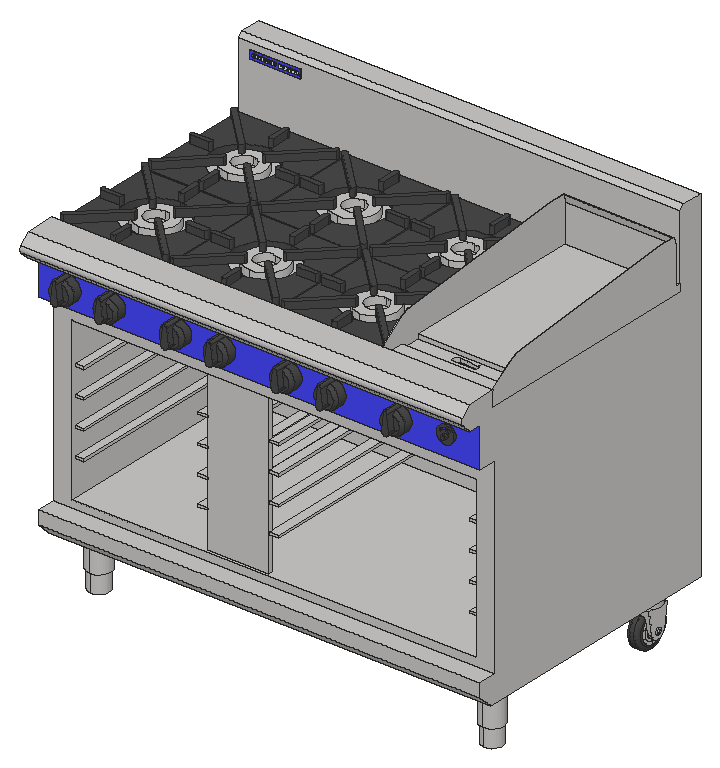
Revit family "QF_MOFFAT_BLUESEAL_CE_G518C-CB", category Specialty Equipment, Revit 2012 (continued)
Definition of nested family "GAS BURNER 900 & GRIDDLE 300"
  Definition of nested family "GAS BURNER 900"
    Lines and regions (mm)
      symbolic lines
        curve 96: spline (58.102, -172.9, 0) -> (59.396, -172.682, 0) -> (60.602, -172.043, 0) -> (61.638, -171.025, 0) -> (62.432, -169.7, 0) -> (62.932, -168.156, 0) -> (63.102, -166.5, 0) -> (62.932, -164.844, 0) -> (62.432, -163.3, 0) -> (61.638, -161.975, 0) -> (60.602, -160.957, 0) -> (59.396, -160.318, 0) -> (58.102, -160.1, 0)
        curve 97: line (58.102, -160.1, 0) -> (8.898, -160.1, 0)
        curve 98: spline (8.898, -160.1, 0) -> (7.604, -160.318, 0) -> (6.398, -160.957, 0) -> (5.362, -161.975, 0) -> (4.568, -163.3, 0) -> (4.068, -164.844, 0) -> (3.898, -166.5, 0) -> (4.068, -168.156, 0) -> (4.568, -169.7, 0) -> (5.362, -171.025, 0) -> (6.398, -172.043, 0) -> (7.604, -172.682, 0) -> (8.898, -172.9, 0)
        curve 99: line (6.102, -31.653, 0) -> (114.025, -139.576, 0)
        curve 100: spline (114.025, -139.576, 0) -> (115.095, -140.337, 0) -> (116.399, -140.738, 0) -> (117.851, -140.751, 0) -> (119.35, -140.375, 0) -> (120.795, -139.637, 0) -> (122.086, -138.586, 0) -> (123.137, -137.295, 0) -> (123.875, -135.85, 0) -> (124.251, -134.351, 0) -> (124.238, -132.899, 0) -> (123.837, -131.595, 0) -> (123.076, -130.525, 0)
        curve 101: line (123.076, -130.525, 0) -> (15.153, -22.602, 0)
        curve 102: spline (15.153, -22.602, 0) -> (13.924, -21.681, 0) -> (12.47, -21.131, 0) -> (10.89, -20.99, 0) -> (9.292, -21.267, 0) -> (7.786, -21.943, 0) -> (6.473, -22.973, 0) -> (5.443, -24.286, 0) -> (4.767, -25.792, 0) -> (4.49, -27.39, 0) -> (4.631, -28.97, 0) -> (5.181, -30.424, 0) -> (6.102, -31.653, 0)
        curve 103: arc (150, -136.5, 0) -> (180, -166.5, 0) -> (150, -196.5, 0) r 30
        curve 104: arc (150, -196.5, 0) -> (120, -166.5, 0) -> (150, -136.5, 0) r 30
        curve 105: line (156.4, -311.102, 0) -> (156.4, -261.898, 0)
        curve 106: spline (156.4, -261.898, 0) -> (156.182, -260.604, 0) -> (155.543, -259.398, 0) -> (154.525, -258.362, 0) -> (153.2, -257.568, 0) -> (151.656, -257.068, 0) -> (150, -256.898, 0) -> (148.344, -257.068, 0) -> (146.8, -257.568, 0) -> (145.475, -258.362, 0) -> (144.457, -259.398, 0) -> (143.818, -260.604, 0) -> (143.6, -261.898, 0)
        curve 107: line (143.6, -261.898, 0) -> (143.6, -311.102, 0)
        curve 108: spline (143.6, -311.102, 0) -> (143.818, -312.396, 0) -> (144.457, -313.602, 0) -> (145.475, -314.638, 0) -> (146.8, -315.432, 0) -> (148.344, -315.932, 0) -> (150, -316.102, 0) -> (151.656, -315.932, 0) -> (153.2, -315.432, 0) -> (154.525, -314.638, 0) -> (155.543, -313.602, 0) -> (156.182, -312.396, 0) -> (156.4, -311.102, 0)
        curve 109: line (156.4, -378.102, 0) -> (156.4, -328.898, 0)
        curve 110: spline (156.4, -328.898, 0) -> (156.182, -327.604, 0) -> (155.543, -326.398, 0) -> (154.525, -325.362, 0) -> (153.2, -324.568, 0) -> (151.656, -324.068, 0) -> (150, -323.898, 0) -> (148.344, -324.068, 0) -> (146.8, -324.568, 0) -> (145.475, -325.362, 0) -> (144.457, -326.398, 0) -> (143.818, -327.604, 0) -> (143.6, -328.898, 0)
        curve 111: line (143.6, -328.898, 0) -> (143.6, -378.102, 0)
        curve 112: spline (143.6, -378.102, 0) -> (143.818, -379.396, 0) -> (144.457, -380.602, 0) -> (145.475, -381.638, 0) -> (146.8, -382.432, 0) -> (148.344, -382.932, 0) -> (150, -383.102, 0) -> (151.656, -382.932, 0) -> (153.2, -382.432, 0) -> (154.525, -381.638, 0) -> (155.543, -380.602, 0) -> (156.182, -379.396, 0) -> (156.4, -378.102, 0)
        curve 113: line (284.847, -326.102, 0) -> (176.924, -434.025, 0)
        curve 114: spline (176.924, -434.025, 0) -> (176.163, -435.095, 0) -> (175.762, -436.399, 0) -> (175.749, -437.851, 0) -> (176.125, -439.35, 0) -> (176.863, -440.795, 0) -> (177.914, -442.086, 0) -> (179.205, -443.137, 0) -> (180.65, -443.875, 0) -> (182.149, -444.251, 0) -> (183.601, -444.238, 0) -> (184.905, -443.837, 0) -> (185.975, -443.076, 0)
        curve 115: line (185.975, -443.076, 0) -> (293.898, -335.153, 0)
        curve 116: spline (293.898, -335.153, 0) -> (294.659, -334.084, 0) -> (295.059, -332.779, 0) -> (295.072, -331.328, 0) -> (294.697, -329.829, 0) -> (293.959, -328.384, 0) -> (292.908, -327.092, 0) -> (291.616, -326.041, 0) -> (290.171, -325.303, 0) -> (288.672, -324.928, 0) -> (287.221, -324.941, 0) -> (285.916, -325.341, 0) -> (284.847, -326.102, 0)
        curve 117: line (123.076, -434.025, 0) -> (15.153, -326.102, 0)
        curve 118: spline (15.153, -326.102, 0) -> (13.924, -325.181, 0) -> (12.47, -324.631, 0) -> (10.89, -324.49, 0) -> (9.292, -324.767, 0) -> (7.786, -325.443, 0) -> (6.473, -326.473, 0) -> (5.443, -327.786, 0) -> (4.767, -329.292, 0) -> (4.49, -330.89, 0) -> (4.631, -332.47, 0) -> (5.181, -333.924, 0) -> (6.102, -335.153, 0)
        curve 119: line (6.102, -335.153, 0) -> (114.025, -443.076, 0)
        curve 120: spline (114.025, -443.076, 0) -> (115.095, -443.837, 0) -> (116.399, -444.238, 0) -> (117.851, -444.251, 0) -> (119.35, -443.875, 0) -> (120.795, -443.137, 0) -> (122.086, -442.086, 0) -> (123.137, -440.795, 0) -> (123.875, -439.35, 0) -> (124.251, -437.851, 0) -> (124.238, -436.399, 0) -> (123.837, -435.095, 0) -> (123.076, -434.025, 0)
        curve 121: line (58.102, -463.6, 0) -> (8.898, -463.6, 0)
        curve 122: spline (8.898, -463.6, 0) -> (7.604, -463.818, 0) -> (6.398, -464.457, 0) -> (5.362, -465.475, 0) -> (4.568, -466.8, 0) -> (4.068, -468.344, 0) -> (3.898, -470, 0) -> (4.068, -471.656, 0) -> (4.568, -473.2, 0) -> (5.362, -474.525, 0) -> (6.398, -475.543, 0) -> (7.604, -476.182, 0) -> (8.898, -476.4, 0)
        curve 123: line (8.898, -476.4, 0) -> (58.102, -476.4, 0)
        curve 124: spline (58.102, -476.4, 0) -> (59.396, -476.182, 0) -> (60.602, -475.543, 0) -> (61.638, -474.525, 0) -> (62.432, -473.2, 0) -> (62.932, -471.656, 0) -> (63.102, -470, 0) -> (62.932, -468.344, 0) -> (62.432, -466.8, 0) -> (61.638, -465.475, 0) -> (60.602, -464.457, 0) -> (59.396, -463.818, 0) -> (58.102, -463.6, 0)
        curve 125: line (114.025, -496.924, 0) -> (6.102, -603.347, 0)
        curve 126: spline (6.102, -603.347, 0) -> (5.341, -604.416, 0) -> (4.941, -605.721, 0) -> (4.928, -607.172, 0) -> (5.303, -608.671, 0) -> (6.041, -610.116, 0) -> (7.092, -611.408, 0) -> (8.384, -612.459, 0) -> (9.829, -613.197, 0) -> (11.328, -613.572, 0) -> (12.779, -613.559, 0) -> (14.084, -613.159, 0) -> (15.153, -612.398, 0)
        curve 127: line (15.153, -612.398, 0) -> (123.076, -505.975, 0)
        curve 128: spline (123.076, -505.975, 0) -> (123.837, -504.905, 0) -> (124.238, -503.601, 0) -> (124.251, -502.149, 0) -> (123.875, -500.65, 0) -> (123.137, -499.205, 0) -> (122.086, -497.914, 0) -> (120.795, -496.863, 0) -> (119.35, -496.125, 0) -> (117.851, -495.749, 0) -> (116.399, -495.762, 0) -> (115.095, -496.163, 0) -> (114.025, -496.924, 0)
        curve 129: line (156.4, -609.602, 0) -> (156.4, -561.898, 0)
        curve 130: spline (156.4, -561.898, 0) -> (156.182, -560.604, 0) -> (155.543, -559.398, 0) -> (154.525, -558.362, 0) -> (153.2, -557.568, 0) -> (151.656, -557.068, 0) -> (150, -556.898, 0) -> (148.344, -557.068, 0) -> (146.8, -557.568, 0) -> (145.475, -558.362, 0) -> (144.457, -559.398, 0) -> (143.818, -560.604, 0) -> (143.6, -561.898, 0)
        curve 131: line (143.6, -561.898, 0) -> (143.6, -609.602, 0)
        curve 132: spline (143.6, -609.602, 0) -> (143.818, -610.896, 0) -> (144.457, -612.102, 0) -> (145.475, -613.138, 0) -> (146.8, -613.932, 0) -> (148.344, -614.432, 0) -> (150, -614.602, 0) -> (151.656, -614.432, 0) -> (153.2, -613.932, 0) -> (154.525, -613.138, 0) -> (155.543, -612.102, 0) -> (156.182, -610.896, 0) -> (156.4, -609.602, 0)
        curve 133: line (176.924, -505.975, 0) -> (284.847, -612.398, 0)
        curve 134: spline (284.847, -612.398, 0) -> (285.916, -613.159, 0) -> (287.221, -613.559, 0) -> (288.672, -613.572, 0) -> (290.171, -613.197, 0) -> (291.616, -612.459, 0) -> (292.908, -611.408, 0) -> (293.959, -610.116, 0) -> (294.697, -608.671, 0) -> (295.072, -607.172, 0) -> (295.059, -605.721, 0) -> (294.659, -604.416, 0) -> (293.898, -603.347, 0)
        curve 135: line (293.898, -603.347, 0) -> (185.975, -496.924, 0)
        curve 136: spline (185.975, -496.924, 0) -> (184.905, -496.163, 0) -> (183.601, -495.762, 0) -> (182.149, -495.749, 0) -> (180.65, -496.125, 0) -> (179.205, -496.863, 0) -> (177.914, -497.914, 0) -> (176.863, -499.205, 0) -> (176.125, -500.65, 0) -> (175.749, -502.149, 0) -> (175.762, -503.601, 0) -> (176.163, -504.905, 0) -> (176.924, -505.975, 0)
        curve 137: arc (149.991, -384.418, 0) -> (179.687, -389.836, 0) -> (205.556, -405.393, 0) r 84.082
        curve 138: arc (149.991, -552.582, 0) -> (121.173, -547.489, 0) -> (95.845, -532.827, 0) r 84.082
        curve 139: arc (150, -523.5, 0) -> (167.666, -520.693, 0) -> (183.592, -512.55, 0) r 57
        curve 140: arc (150, -409.5, 0) -> (130.014, -413.119, 0) -> (112.566, -423.515, 0) r 57
        curve 141: arc (150, -436.5, 0) -> (180, -466.5, 0) -> (150, -496.5, 0) r 30
        curve 142: arc (150, -496.5, 0) -> (120, -466.5, 0) -> (150, -436.5, 0) r 30
        curve 143: line (291.102, -463.6, 0) -> (241.898, -463.6, 0)
        curve 144: spline (241.898, -463.6, 0) -> (240.604, -463.818, 0) -> (239.398, -464.457, 0) -> (238.362, -465.475, 0) -> (237.568, -466.8, 0) -> (237.068, -468.344, 0) -> (236.898, -470, 0) -> (237.068, -471.656, 0) -> (237.568, -473.2, 0) -> (238.362, -474.525, 0) -> (239.398, -475.543, 0) -> (240.604, -476.182, 0) -> (241.898, -476.4, 0)
        curve 145: line (241.898, -476.4, 0) -> (291.102, -476.4, 0)
        curve 146: spline (291.102, -476.4, 0) -> (292.396, -476.182, 0) -> (293.602, -475.543, 0) -> (294.638, -474.525, 0) -> (295.432, -473.2, 0) -> (295.932, -471.656, 0) -> (296.102, -470, 0) -> (295.932, -468.344, 0) -> (295.432, -466.8, 0) -> (294.638, -465.475, 0) -> (293.602, -464.457, 0) -> (292.396, -463.818, 0) -> (291.102, -463.6, 0)
        curve 147: line (423.076, -434.025, 0) -> (315.153, -326.102, 0)
        curve 148: spline (315.153, -326.102, 0) -> (314.084, -325.341, 0) -> (312.779, -324.941, 0) -> (311.328, -324.928, 0) -> (309.829, -325.303, 0) -> (308.384, -326.041, 0) -> (307.092, -327.092, 0) -> (306.041, -328.384, 0) -> (305.303, -329.829, 0) -> (304.928, -331.328, 0) -> (304.941, -332.779, 0) -> (305.341, -334.084, 0) -> (306.102, -335.153, 0)
        curve 149: line (306.102, -335.153, 0) -> (414.025, -443.076, 0)
        curve 150: spline (414.025, -443.076, 0) -> (415.095, -443.837, 0) -> (416.399, -444.238, 0) -> (417.851, -444.251, 0) -> (419.35, -443.875, 0) -> (420.795, -443.137, 0) -> (422.086, -442.086, 0) -> (423.137, -440.795, 0) -> (423.875, -439.35, 0) -> (424.251, -437.851, 0) -> (424.238, -436.399, 0) -> (423.837, -435.095, 0) -> (423.076, -434.025, 0)
        curve 151: line (443.6, -328.898, 0) -> (443.6, -378.102, 0)
        curve 152: spline (443.6, -378.102, 0) -> (443.818, -379.396, 0) -> (444.457, -380.602, 0) -> (445.475, -381.638, 0) -> (446.8, -382.432, 0) -> (448.344, -382.932, 0) -> (450, -383.102, 0) -> (451.656, -382.932, 0) -> (453.2, -382.432, 0) -> (454.525, -381.638, 0) -> (455.543, -380.602, 0) -> (456.182, -379.396, 0) -> (456.4, -378.102, 0)
        curve 153: line (456.4, -378.102, 0) -> (456.4, -328.898, 0)
        curve 154: spline (456.4, -328.898, 0) -> (456.182, -327.604, 0) -> (455.543, -326.398, 0) -> (454.525, -325.362, 0) -> (453.2, -324.568, 0) -> (451.656, -324.068, 0) -> (450, -323.898, 0) -> (448.344, -324.068, 0) -> (446.8, -324.568, 0) -> (445.475, -325.362, 0) -> (444.457, -326.398, 0) -> (443.818, -327.604, 0) -> (443.6, -328.898, 0)
        curve 155: line (584.847, -326.102, 0) -> (476.924, -434.025, 0)
        curve 156: spline (476.924, -434.025, 0) -> (476.163, -435.095, 0) -> (475.762, -436.399, 0) -> (475.749, -437.851, 0) -> (476.125, -439.35, 0) -> (476.863, -440.795, 0) -> (477.914, -442.086, 0) -> (479.205, -443.137, 0) -> (480.65, -443.875, 0) -> (482.149, -444.251, 0) -> (483.601, -444.238, 0) -> (484.905, -443.837, 0) -> (485.975, -443.076, 0)
        curve 157: line (485.975, -443.076, 0) -> (593.898, -335.153, 0)
        curve 158: spline (593.898, -335.153, 0) -> (594.819, -333.924, 0) -> (595.369, -332.47, 0) -> (595.51, -330.89, 0) -> (595.233, -329.292, 0) -> (594.557, -327.786, 0) -> (593.527, -326.473, 0) -> (592.214, -325.443, 0) -> (590.708, -324.767, 0) -> (589.11, -324.49, 0) -> (587.53, -324.631, 0) -> (586.076, -325.181, 0) -> (584.847, -326.102, 0)
        curve 159: line (591.102, -463.6, 0) -> (541.898, -463.6, 0)
        curve 160: spline (541.898, -463.6, 0) -> (540.604, -463.818, 0) -> (539.398, -464.457, 0) -> (538.362, -465.475, 0) -> (537.568, -466.8, 0) -> (537.068, -468.344, 0) -> (536.898, -470, 0) -> (537.068, -471.656, 0) -> (537.568, -473.2, 0) -> (538.362, -474.525, 0) -> (539.398, -475.543, 0) -> (540.604, -476.182, 0) -> (541.898, -476.4, 0)
        curve 161: line (541.898, -476.4, 0) -> (591.102, -476.4, 0)
        curve 162: spline (591.102, -476.4, 0) -> (592.396, -476.182, 0) -> (593.602, -475.543, 0) -> (594.638, -474.525, 0) -> (595.432, -473.2, 0) -> (595.932, -471.656, 0) -> (596.102, -470, 0) -> (595.932, -468.344, 0) -> (595.432, -466.8, 0) -> (594.638, -465.475, 0) -> (593.602, -464.457, 0) -> (592.396, -463.818, 0) -> (591.102, -463.6, 0)
        curve 163: line (593.898, -603.347, 0) -> (485.975, -496.924, 0)
        curve 164: spline (485.975, -496.924, 0) -> (484.905, -496.163, 0) -> (483.601, -495.762, 0) -> (482.149, -495.749, 0) -> (480.65, -496.125, 0) -> (479.205, -496.863, 0) -> (477.914, -497.914, 0) -> (476.863, -499.205, 0) -> (476.125, -500.65, 0) -> (475.749, -502.149, 0) -> (475.762, -503.601, 0) -> (476.163, -504.905, 0) -> (476.924, -505.975, 0)
        curve 165: line (476.924, -505.975, 0) -> (584.847, -612.398, 0)
        curve 166: spline (584.847, -612.398, 0) -> (585.916, -613.159, 0) -> (587.221, -613.559, 0) -> (588.672, -613.572, 0) -> (590.171, -613.197, 0) -> (591.616, -612.459, 0) -> (592.908, -611.408, 0) -> (593.959, -610.116, 0) -> (594.697, -608.671, 0) -> (595.072, -607.172, 0) -> (595.059, -605.721, 0) -> (594.659, -604.416, 0) -> (593.898, -603.347, 0)
        curve 167: line (315.153, -612.398, 0) -> (423.076, -505.975, 0)
        curve 168: spline (423.076, -505.975, 0) -> (423.837, -504.905, 0) -> (424.238, -503.601, 0) -> (424.251, -502.149, 0) -> (423.875, -500.65, 0) -> (423.137, -499.205, 0) -> (422.086, -497.914, 0) -> (420.795, -496.863, 0) -> (419.35, -496.125, 0) -> (417.851, -495.749, 0) -> (416.399, -495.762, 0) -> (415.095, -496.163, 0) -> (414.025, -496.924, 0)
        curve 169: line (414.025, -496.924, 0) -> (306.102, -603.347, 0)
        curve 170: spline (306.102, -603.347, 0) -> (305.341, -604.416, 0) -> (304.941, -605.721, 0) -> (304.928, -607.172, 0) -> (305.303, -608.671, 0) -> (306.041, -610.116, 0) -> (307.092, -611.408, 0) -> (308.384, -612.459, 0) -> (309.829, -613.197, 0) -> (311.328, -613.572, 0) -> (312.779, -613.559, 0) -> (314.084, -613.159, 0) -> (315.153, -612.398, 0)
        curve 171: line (308.898, -476.4, 0) -> (358.102, -476.4, 0)
        curve 172: spline (358.102, -476.4, 0) -> (359.396, -476.182, 0) -> (360.602, -475.543, 0) -> (361.638, -474.525, 0) -> (362.432, -473.2, 0) -> (362.932, -471.656, 0) -> (363.102, -470, 0) -> (362.932, -468.344, 0) -> (362.432, -466.8, 0) -> (361.638, -465.475, 0) -> (360.602, -464.457, 0) -> (359.396, -463.818, 0) -> (358.102, -463.6, 0)
        curve 173: line (358.102, -463.6, 0) -> (308.898, -463.6, 0)
        curve 174: spline (308.898, -463.6, 0) -> (307.604, -463.818, 0) -> (306.398, -464.457, 0) -> (305.362, -465.475, 0) -> (304.568, -466.8, 0) -> (304.068, -468.344, 0) -> (303.898, -470, 0) -> (304.068, -471.656, 0) -> (304.568, -473.2, 0) -> (305.362, -474.525, 0) -> (306.398, -475.543, 0) -> (307.604, -476.182, 0) -> (308.898, -476.4, 0)
        curve 175: line (456.4, -609.602, 0) -> (456.4, -561.898, 0)
        curve 176: spline (456.4, -561.898, 0) -> (456.182, -560.604, 0) -> (455.543, -559.398, 0) -> (454.525, -558.362, 0) -> (453.2, -557.568, 0) -> (451.656, -557.068, 0) -> (450, -556.898, 0) -> (448.344, -557.068, 0) -> (446.8, -557.568, 0) -> (445.475, -558.362, 0) -> (444.457, -559.398, 0) -> (443.818, -560.604, 0) -> (443.6, -561.898, 0)
        curve 177: line (443.6, -561.898, 0) -> (443.6, -609.602, 0)
        curve 178: spline (443.6, -609.602, 0) -> (443.818, -610.896, 0) -> (444.457, -612.102, 0) -> (445.475, -613.138, 0) -> (446.8, -613.932, 0) -> (448.344, -614.432, 0) -> (450, -614.602, 0) -> (451.656, -614.432, 0) -> (453.2, -613.932, 0) -> (454.525, -613.138, 0) -> (455.543, -612.102, 0) -> (456.182, -610.896, 0) -> (456.4, -609.602, 0)
        curve 179: arc (450.009, -384.418, 0) -> (479.699, -389.834, 0) -> (505.564, -405.385, 0) r 84.082
        curve 180: arc (450.009, -552.582, 0) -> (417.885, -546.204, 0) -> (390.635, -528.036, 0) r 84.082
        curve 181: arc (450, -523.5, 0) -> (467.666, -520.693, 0) -> (483.592, -512.55, 0) r 57
        curve 182: arc (450, -409.5, 0) -> (430.014, -413.119, 0) -> (412.566, -423.515, 0) r 57
        curve 183: arc (450, -436.5, 0) -> (480, -466.5, 0) -> (450, -496.5, 0) r 30
        curve 184: arc (450, -496.5, 0) -> (420, -466.5, 0) -> (450, -436.5, 0) r 30
        curve 185: arc (96.324, -103.773, 0) -> (121.466, -89.404, 0) -> (149.991, -84.418, 0) r 84.082
        curve 186: arc (212.871, -112.68, 0) -> (234.066, -167.408, 0) -> (214.3, -222.668, 0) r 84.082
        curve 187: arc (194.454, -202.178, 0) -> (207, -166.598, 0) -> (194.576, -130.975, 0) r 57
        curve 188: arc (114.628, -211.197, 0) -> (131.275, -220.336, 0) -> (150, -223.5, 0) r 57
        curve 189: arc (405.424, -130.975, 0) -> (393, -166.598, 0) -> (405.546, -202.178, 0) r 57
        curve 190: arc (485.525, -121.924, 0) -> (468.817, -112.696, 0) -> (450, -109.5, 0) r 57
        curve 191: arc (494.454, -202.178, 0) -> (507, -166.598, 0) -> (494.576, -130.975, 0) r 57
        curve 192: arc (414.628, -211.197, 0) -> (431.275, -220.336, 0) -> (450, -223.5, 0) r 57
        curve 193: arc (105.424, -130.975, 0) -> (93, -166.598, 0) -> (105.546, -202.178, 0) r 57
        curve 194: arc (514.501, -414.55, 0) -> (534.086, -469.429, 0) -> (513.293, -523.862, 0) r 84.082
        curve 195: arc (504.155, -532.827, 0) -> (478.827, -547.489, 0) -> (450.009, -552.582, 0) r 84.082
        curve 196: arc (493.031, -503.881, 0) -> (506.947, -468.956, 0) -> (496.089, -432.962, 0) r 57
        curve 197: arc (416.408, -512.55, 0) -> (432.334, -520.693, 0) -> (450, -523.5, 0) r 57
        curve 198: arc (403.911, -432.962, 0) -> (393.053, -468.956, 0) -> (406.969, -503.881, 0) r 57
        curve 199: arc (487.434, -423.515, 0) -> (469.986, -413.119, 0) -> (450, -409.5, 0) r 57
        curve 200: arc (187.434, -423.515, 0) -> (169.986, -413.119, 0) -> (150, -409.5, 0) r 57
        curve 201: arc (103.911, -432.962, 0) -> (93.053, -468.956, 0) -> (106.969, -503.881, 0) r 57
        curve 202: arc (109.732, -506.842, 0) -> (110.614, -507.704, 0) -> (111.516, -508.547, 0) r 57
        curve 203: arc (193.031, -503.881, 0) -> (206.947, -468.956, 0) -> (196.089, -432.962, 0) r 57
        curve 204: arc (214.491, -414.56, 0) -> (234.068, -469.429, 0) -> (213.283, -523.853, 0) r 84.082
        curve 205: arc (94.436, -405.385, 0) -> (120.301, -389.834, 0) -> (149.991, -384.418, 0) r 84.082
        curve 206: arc (86.707, -523.862, 0) -> (65.914, -469.429, 0) -> (85.499, -414.55, 0) r 84.082
        curve 207: arc (116.408, -512.55, 0) -> (132.334, -520.693, 0) -> (150, -523.5, 0) r 57
        curve 208: arc (204.147, -532.819, 0) -> (178.816, -547.487, 0) -> (149.991, -552.582, 0) r 84.082
        curve 209: arc (394.444, -405.393, 0) -> (420.313, -389.836, 0) -> (450.009, -384.418, 0) r 84.082
        curve 210: arc (390.635, -528.036, 0) -> (366.012, -472.294, 0) -> (385.509, -414.56, 0) r 84.082
        curve 211: arc (185.525, -121.924, 0) -> (168.817, -112.696, 0) -> (150, -109.5, 0) r 57
        curve 212: arc (396.332, -103.781, 0) -> (421.477, -89.406, 0) -> (450.009, -84.418, 0) r 84.082
        curve 213: arc (512.881, -112.67, 0) -> (534.084, -167.408, 0) -> (514.31, -222.678, 0) r 84.082
        curve 214: arc (505.339, -231.812, 0) -> (479.559, -247.219, 0) -> (450.009, -252.582, 0) r 84.082
        curve 215: arc (385.7, -222.668, 0) -> (365.934, -167.408, 0) -> (387.129, -112.68, 0) r 84.082
        curve 216: arc (205.331, -231.803, 0) -> (179.547, -247.216, 0) -> (149.991, -252.582, 0) r 84.082
        curve 217: arc (85.69, -222.678, 0) -> (65.916, -167.408, 0) -> (87.119, -112.67, 0) r 84.082
        curve 218: spline (724.076, -130.525, 0) -> (724.837, -131.595, 0) -> (725.238, -132.899, 0) -> (725.251, -134.351, 0) -> (724.875, -135.85, 0) -> (724.137, -137.295, 0) -> (723.086, -138.586, 0) -> (721.795, -139.637, 0) -> (720.35, -140.375, 0) -> (718.851, -140.751, 0) -> (717.399, -140.738, 0) -> (716.095, -140.337, 0) -> (715.025, -139.576, 0)
        curve 219: spline (659.102, -160.1, 0) -> (660.396, -160.318, 0) -> (661.602, -160.957, 0) -> (662.638, -161.975, 0) -> (663.432, -163.3, 0) -> (663.932, -164.844, 0) -> (664.102, -166.5, 0) -> (663.932, -168.156, 0) -> (663.432, -169.7, 0) -> (662.638, -171.025, 0) -> (661.602, -172.043, 0) -> (660.396, -172.682, 0) -> (659.102, -172.9, 0)
        curve 220: arc (751, -223.5, 0) -> (732.275, -220.336, 0) -> (715.628, -211.197, 0) r 57
        curve 221: arc (751, -109.5, 0) -> (769.817, -112.696, 0) -> (786.525, -121.924, 0) r 57
        curve 222: arc (751.009, -84.418, 0) -> (722.477, -89.406, 0) -> (697.332, -103.781, 0) r 84.082
        curve 223: arc (751.009, -252.582, 0) -> (780.559, -247.219, 0) -> (806.339, -231.812, 0) r 84.082
        curve 224: line (744.6, -74.602, 0) -> (744.6, -25.398, 0)
        curve 225: spline (744.6, -25.398, 0) -> (744.818, -24.104, 0) -> (745.457, -22.898, 0) -> (746.475, -21.862, 0) -> (747.8, -21.068, 0) -> (749.344, -20.568, 0) -> (751, -20.398, 0) -> (752.656, -20.568, 0) -> (754.2, -21.068, 0) -> (755.525, -21.862, 0) -> (756.543, -22.898, 0) -> (757.182, -24.104, 0) -> (757.4, -25.398, 0)
        curve 226: line (757.4, -25.398, 0) -> (757.4, -74.602, 0)
        curve 227: spline (757.4, -74.602, 0) -> (757.182, -75.896, 0) -> (756.543, -77.102, 0) -> (755.525, -78.138, 0) -> (754.2, -78.932, 0) -> (752.656, -79.432, 0) -> (751, -79.602, 0) -> (749.344, -79.432, 0) -> (747.8, -78.932, 0) -> (746.475, -78.138, 0) -> (745.457, -77.102, 0) -> (744.818, -75.896, 0) -> (744.6, -74.602, 0)
        curve 228: arc (897, 0, 0) -> (899.121, -0.879, 0) -> (900, -3, 0) r 3
        curve 229: line (900, -3, 0) -> (900, -315.5, 0)
        curve 230: arc (900, -315.5, 0) -> (899.121, -317.621, 0) -> (897, -318.5, 0) r 3
        curve 231: arc (897, -321.5, 0) -> (899.121, -322.379, 0) -> (900, -324.5, 0) r 3
        curve 232: line (900, -324.5, 0) -> (900, -632, 0)
        curve 233: arc (900, -632, 0) -> (899.121, -634.121, 0) -> (897, -635, 0) r 3
        curve 234: spline (715.025, -193.424, 0) -> (716.095, -192.663, 0) -> (717.399, -192.262, 0) -> (718.851, -192.249, 0) -> (720.35, -192.625, 0) -> (721.795, -193.363, 0) -> (723.086, -194.414, 0) -> (724.137, -195.705, 0) -> (724.875, -197.15, 0) -> (725.251, -198.649, 0) -> (725.238, -200.101, 0) -> (724.837, -201.405, 0) -> (724.076, -202.475, 0)
        curve 235: line (885.847, -313.898, 0) -> (777.924, -202.475, 0)
        curve 236: spline (777.924, -202.475, 0) -> (777.163, -201.405, 0) -> (776.762, -200.101, 0) -> (776.749, -198.649, 0) -> (777.125, -197.15, 0) -> (777.863, -195.705, 0) -> (778.914, -194.414, 0) -> (780.205, -193.363, 0) -> (781.65, -192.625, 0) -> (783.149, -192.249, 0) -> (784.601, -192.262, 0) -> (785.905, -192.663, 0) -> (786.975, -193.424, 0)
        curve 237: line (786.975, -193.424, 0) -> (894.898, -304.847, 0)
        curve 238: spline (894.898, -304.847, 0) -> (895.659, -305.916, 0) -> (896.059, -307.221, 0) -> (896.072, -308.672, 0) -> (895.697, -310.171, 0) -> (894.959, -311.616, 0) -> (893.908, -312.908, 0) -> (892.616, -313.959, 0) -> (891.171, -314.697, 0) -> (889.672, -315.072, 0) -> (888.221, -315.059, 0) -> (886.916, -314.659, 0) -> (885.847, -313.898, 0)
        curve 239: line (892.102, -172.9, 0) -> (842.898, -172.9, 0)
        curve 240: spline (842.898, -172.9, 0) -> (841.604, -172.682, 0) -> (840.398, -172.043, 0) -> (839.362, -171.025, 0) -> (838.568, -169.7, 0) -> (838.068, -168.156, 0) -> (837.898, -166.5, 0) -> (838.068, -164.844, 0) -> (838.568, -163.3, 0) -> (839.362, -161.975, 0) -> (840.398, -160.957, 0) -> (841.604, -160.318, 0) -> (842.898, -160.1, 0)
        curve 241: line (842.898, -160.1, 0) -> (892.102, -160.1, 0)
        curve 242: spline (892.102, -160.1, 0) -> (893.396, -160.318, 0) -> (894.602, -160.957, 0) -> (895.638, -161.975, 0) -> (896.432, -163.3, 0) -> (896.932, -164.844, 0) -> (897.102, -166.5, 0) -> (896.932, -168.156, 0) -> (896.432, -169.7, 0) -> (895.638, -171.025, 0) -> (894.602, -172.043, 0) -> (893.396, -172.682, 0) -> (892.102, -172.9, 0)
        curve 243: line (894.898, -31.653, 0) -> (786.975, -139.576, 0)
        curve 244: spline (786.975, -139.576, 0) -> (785.905, -140.337, 0) -> (784.601, -140.738, 0) -> (783.149, -140.751, 0) -> (781.65, -140.375, 0) -> (780.205, -139.637, 0) -> (778.914, -138.586, 0) -> (777.863, -137.295, 0) -> (777.125, -135.85, 0) -> (776.749, -134.351, 0) -> (776.762, -132.899, 0) -> (777.163, -131.595, 0) -> (777.924, -130.525, 0)
        curve 245: line (777.924, -130.525, 0) -> (885.847, -22.602, 0)
        curve 246: spline (885.847, -22.602, 0) -> (887.076, -21.681, 0) -> (888.53, -21.131, 0) -> (890.11, -20.99, 0) -> (891.708, -21.267, 0) -> (893.214, -21.943, 0) -> (894.527, -22.973, 0) -> (895.557, -24.286, 0) -> (896.233, -25.792, 0) -> (896.51, -27.39, 0) -> (896.369, -28.97, 0) -> (895.819, -30.424, 0) -> (894.898, -31.653, 0)
        curve 247: arc (751, -136.5, 0) -> (721, -166.5, 0) -> (751, -196.5, 0) r 30
        curve 248: arc (751, -196.5, 0) -> (781, -166.5, 0) -> (751, -136.5, 0) r 30
        curve 249: line (744.6, -311.102, 0) -> (744.6, -261.898, 0)
        curve 250: spline (744.6, -261.898, 0) -> (744.818, -260.604, 0) -> (745.457, -259.398, 0) -> (746.475, -258.362, 0) -> (747.8, -257.568, 0) -> (749.344, -257.068, 0) -> (751, -256.898, 0) -> (752.656, -257.068, 0) -> (754.2, -257.568, 0) -> (755.525, -258.362, 0) -> (756.543, -259.398, 0) -> (757.182, -260.604, 0) -> (757.4, -261.898, 0)
        curve 251: line (757.4, -261.898, 0) -> (757.4, -311.102, 0)
        curve 252: spline (757.4, -311.102, 0) -> (757.182, -312.396, 0) -> (756.543, -313.602, 0) -> (755.525, -314.638, 0) -> (754.2, -315.432, 0) -> (752.656, -315.932, 0) -> (751, -316.102, 0) -> (749.344, -315.932, 0) -> (747.8, -315.432, 0) -> (746.475, -314.638, 0) -> (745.457, -313.602, 0) -> (744.818, -312.396, 0) -> (744.6, -311.102, 0)
        curve 253: line (744.6, -378.102, 0) -> (744.6, -328.898, 0)
        curve 254: spline (744.6, -328.898, 0) -> (744.818, -327.604, 0) -> (745.457, -326.398, 0) -> (746.475, -325.362, 0) -> (747.8, -324.568, 0) -> (749.344, -324.068, 0) -> (751, -323.898, 0) -> (752.656, -324.068, 0) -> (754.2, -324.568, 0) -> (755.525, -325.362, 0) -> (756.543, -326.398, 0) -> (757.182, -327.604, 0) -> (757.4, -328.898, 0)
        curve 255: line (757.4, -328.898, 0) -> (757.4, -378.102, 0)
        curve 256: spline (757.4, -378.102, 0) -> (757.182, -379.396, 0) -> (756.543, -380.602, 0) -> (755.525, -381.638, 0) -> (754.2, -382.432, 0) -> (752.656, -382.932, 0) -> (751, -383.102, 0) -> (749.344, -382.932, 0) -> (747.8, -382.432, 0) -> (746.475, -381.638, 0) -> (745.457, -380.602, 0) -> (744.818, -379.396, 0) -> (744.6, -378.102, 0)
        curve 257: spline (724.076, -434.025, 0) -> (724.837, -435.095, 0) -> (725.238, -436.399, 0) -> (725.251, -437.851, 0) -> (724.875, -439.35, 0) -> (724.137, -440.795, 0) -> (723.086, -442.086, 0) -> (721.795, -443.137, 0) -> (720.35, -443.875, 0) -> (718.851, -444.251, 0) -> (717.399, -444.238, 0) -> (716.095, -443.837, 0) -> (715.025, -443.076, 0)
        curve 258: line (777.924, -434.025, 0) -> (885.847, -326.102, 0)
        curve 259: spline (885.847, -326.102, 0) -> (887.076, -325.181, 0) -> (888.53, -324.631, 0) -> (890.11, -324.49, 0) -> (891.708, -324.767, 0) -> (893.214, -325.443, 0) -> (894.527, -326.473, 0) -> (895.557, -327.786, 0) -> (896.233, -329.292, 0) -> (896.51, -330.89, 0) -> (896.369, -332.47, 0) -> (895.819, -333.924, 0) -> (894.898, -335.153, 0)
        curve 260: line (894.898, -335.153, 0) -> (786.975, -443.076, 0)
        curve 261: spline (786.975, -443.076, 0) -> (785.905, -443.837, 0) -> (784.601, -444.238, 0) -> (783.149, -444.251, 0) -> (781.65, -443.875, 0) -> (780.205, -443.137, 0) -> (778.914, -442.086, 0) -> (777.863, -440.795, 0) -> (777.125, -439.35, 0) -> (776.749, -437.851, 0) -> (776.762, -436.399, 0) -> (777.163, -435.095, 0) -> (777.924, -434.025, 0)
        curve 262: line (842.898, -463.6, 0) -> (892.102, -463.6, 0)
        curve 263: spline (892.102, -463.6, 0) -> (893.396, -463.818, 0) -> (894.602, -464.457, 0) -> (895.638, -465.475, 0) -> (896.432, -466.8, 0) -> (896.932, -468.344, 0) -> (897.102, -470, 0) -> (896.932, -471.656, 0) -> (896.432, -473.2, 0) -> (895.638, -474.525, 0) -> (894.602, -475.543, 0) -> (893.396, -476.182, 0) -> (892.102, -476.4, 0)
        curve 264: line (892.102, -476.4, 0) -> (842.898, -476.4, 0)
        curve 265: spline (842.898, -476.4, 0) -> (841.604, -476.182, 0) -> (840.398, -475.543, 0) -> (839.362, -474.525, 0) -> (838.568, -473.2, 0) -> (838.068, -471.656, 0) -> (837.898, -470, 0) -> (838.068, -468.344, 0) -> (838.568, -466.8, 0) -> (839.362, -465.475, 0) -> (840.398, -464.457, 0) -> (841.604, -463.818, 0) -> (842.898, -463.6, 0)
        curve 266: line (786.975, -496.924, 0) -> (894.898, -603.347, 0)
        curve 267: spline (894.898, -603.347, 0) -> (895.659, -604.416, 0) -> (896.059, -605.721, 0) -> (896.072, -607.172, 0) -> (895.697, -608.671, 0) -> (894.959, -610.116, 0) -> (893.908, -611.408, 0) -> (892.616, -612.459, 0) -> (891.171, -613.197, 0) -> (889.672, -613.572, 0) -> (888.221, -613.559, 0) -> (886.916, -613.159, 0) -> (885.847, -612.398, 0)
        curve 268: line (885.847, -612.398, 0) -> (777.924, -505.975, 0)
        curve 269: spline (777.924, -505.975, 0) -> (777.163, -504.905, 0) -> (776.762, -503.601, 0) -> (776.749, -502.149, 0) -> (777.125, -500.65, 0) -> (777.863, -499.205, 0) -> (778.914, -497.914, 0) -> (780.205, -496.863, 0) -> (781.65, -496.125, 0) -> (783.149, -495.749, 0) -> (784.601, -495.762, 0) -> (785.905, -496.163, 0) -> (786.975, -496.924, 0)
        curve 270: line (744.6, -609.602, 0) -> (744.6, -561.898, 0)
        curve 271: spline (744.6, -561.898, 0) -> (744.818, -560.604, 0) -> (745.457, -559.398, 0) -> (746.475, -558.362, 0) -> (747.8, -557.568, 0) -> (749.344, -557.068, 0) -> (751, -556.898, 0) -> (752.656, -557.068, 0) -> (754.2, -557.568, 0) -> (755.525, -558.362, 0) -> (756.543, -559.398, 0) -> (757.182, -560.604, 0) -> (757.4, -561.898, 0)
        curve 272: line (757.4, -561.898, 0) -> (757.4, -609.602, 0)
        curve 273: spline (757.4, -609.602, 0) -> (757.182, -610.896, 0) -> (756.543, -612.102, 0) -> (755.525, -613.138, 0) -> (754.2, -613.932, 0) -> (752.656, -614.432, 0) -> (751, -614.602, 0) -> (749.344, -614.432, 0) -> (747.8, -613.932, 0) -> (746.475, -613.138, 0) -> (745.457, -612.102, 0) -> (744.818, -610.896, 0) -> (744.6, -609.602, 0)
        curve 274: spline (715.025, -496.924, 0) -> (716.095, -496.163, 0) -> (717.399, -495.762, 0) -> (718.851, -495.749, 0) -> (720.35, -496.125, 0) -> (721.795, -496.863, 0) -> (723.086, -497.914, 0) -> (724.137, -499.205, 0) -> (724.875, -500.65, 0) -> (725.251, -502.149, 0) -> (725.238, -503.601, 0) -> (724.837, -504.905, 0) -> (724.076, -505.975, 0)
        curve 275: arc (751.009, -384.418, 0) -> (721.313, -389.836, 0) -> (695.444, -405.393, 0) r 84.082
        curve 276: arc (751.009, -552.582, 0) -> (779.827, -547.489, 0) -> (805.155, -532.827, 0) r 84.082
        curve 277: arc (751, -523.5, 0) -> (733.334, -520.693, 0) -> (717.408, -512.55, 0) r 57
        curve 278: arc (751, -409.5, 0) -> (770.986, -413.119, 0) -> (788.434, -423.515, 0) r 57
        curve 279: arc (751, -436.5, 0) -> (721, -466.5, 0) -> (751, -496.5, 0) r 30
        curve 280: arc (751, -496.5, 0) -> (781, -466.5, 0) -> (751, -436.5, 0) r 30
        curve 281: spline (659.102, -463.6, 0) -> (660.396, -463.818, 0) -> (661.602, -464.457, 0) -> (662.638, -465.475, 0) -> (663.432, -466.8, 0) -> (663.932, -468.344, 0) -> (664.102, -470, 0) -> (663.932, -471.656, 0) -> (663.432, -473.2, 0) -> (662.638, -474.525, 0) -> (661.602, -475.543, 0) -> (660.396, -476.182, 0) -> (659.102, -476.4, 0)
        curve 282: arc (804.676, -103.773, 0) -> (779.534, -89.404, 0) -> (751.009, -84.418, 0) r 84.082
        curve 283: arc (688.129, -112.68, 0) -> (666.934, -167.408, 0) -> (686.7, -222.668, 0) r 84.082
        curve 284: arc (706.546, -202.178, 0) -> (694, -166.598, 0) -> (706.424, -130.975, 0) r 57
        curve 285: arc (786.372, -211.197, 0) -> (769.725, -220.336, 0) -> (751, -223.5, 0) r 57
        curve 286: arc (795.576, -130.975, 0) -> (808, -166.598, 0) -> (795.454, -202.178, 0) r 57
        curve 287: arc (713.566, -423.515, 0) -> (731.014, -413.119, 0) -> (751, -409.5, 0) r 57
        curve 288: arc (797.089, -432.962, 0) -> (807.947, -468.956, 0) -> (794.031, -503.881, 0) r 57
        curve 289: arc (791.268, -506.842, 0) -> (790.386, -507.704, 0) -> (789.484, -508.547, 0) r 57
        curve 290: arc (707.969, -503.881, 0) -> (694.053, -468.956, 0) -> (704.911, -432.962, 0) r 57
        curve 291: arc (686.509, -414.56, 0) -> (666.932, -469.429, 0) -> (687.717, -523.853, 0) r 84.082
        curve 292: arc (806.564, -405.385, 0) -> (780.699, -389.834, 0) -> (751.009, -384.418, 0) r 84.082
        curve 293: arc (814.293, -523.862, 0) -> (835.086, -469.429, 0) -> (815.501, -414.55, 0) r 84.082
        curve 294: arc (784.592, -512.55, 0) -> (768.666, -520.693, 0) -> (751, -523.5, 0) r 57
        curve 295: arc (696.853, -532.819, 0) -> (722.184, -547.487, 0) -> (751.009, -552.582, 0) r 84.082
        curve 296: arc (715.475, -121.924, 0) -> (732.183, -112.696, 0) -> (751, -109.5, 0) r 57
        curve 297: arc (695.669, -231.803, 0) -> (721.453, -247.216, 0) -> (751.009, -252.582, 0) r 84.082
        curve 298: arc (815.31, -222.678, 0) -> (835.084, -167.408, 0) -> (813.881, -112.67, 0) r 84.082
        curve 299: line (616.153, -612.398, 0) -> (724.076, -505.975, 0)
        curve 300: line (715.025, -496.924, 0) -> (607.102, -603.347, 0)
        curve 301: spline (607.102, -603.347, 0) -> (606.341, -604.416, 0) -> (605.941, -605.721, 0) -> (605.928, -607.172, 0) -> (606.303, -608.671, 0) -> (607.041, -610.116, 0) -> (608.092, -611.408, 0) -> (609.384, -612.459, 0) -> (610.829, -613.197, 0) -> (612.328, -613.572, 0) -> (613.779, -613.559, 0) -> (615.084, -613.159, 0) -> (616.153, -612.398, 0)
        curve 302: line (602, -324.5, 0) -> (602, -632, 0)
        curve 303: arc (602, -632, 0) -> (602.879, -634.121, 0) -> (605, -635, 0) r 3
        curve 304: line (605, -635, 0) -> (897, -635, 0)
        curve 305: arc (897, -635, 0) -> (899.121, -634.121, 0) -> (900, -632, 0) r 3
        curve 306: line (900, -632, 0) -> (900, -324.5, 0)
        curve 307: arc (900, -324.5, 0) -> (899.121, -322.379, 0) -> (897, -321.5, 0) r 3
        curve 308: line (897, -321.5, 0) -> (605, -321.5, 0)
        curve 309: arc (605, -321.5, 0) -> (602.879, -322.379, 0) -> (602, -324.5, 0) r 3
        curve 310: line (609.898, -476.4, 0) -> (659.102, -476.4, 0)
        curve 311: line (659.102, -463.6, 0) -> (609.898, -463.6, 0)
        curve 312: spline (609.898, -463.6, 0) -> (608.604, -463.818, 0) -> (607.398, -464.457, 0) -> (606.362, -465.475, 0) -> (605.568, -466.8, 0) -> (605.068, -468.344, 0) -> (604.898, -470, 0) -> (605.068, -471.656, 0) -> (605.568, -473.2, 0) -> (606.362, -474.525, 0) -> (607.398, -475.543, 0) -> (608.604, -476.182, 0) -> (609.898, -476.4, 0)
        curve 313: line (607.102, -335.153, 0) -> (715.025, -443.076, 0)
        curve 314: line (724.076, -434.025, 0) -> (616.153, -326.102, 0)
        curve 315: spline (616.153, -326.102, 0) -> (615.084, -325.341, 0) -> (613.779, -324.941, 0) -> (612.328, -324.928, 0) -> (610.829, -325.303, 0) -> (609.384, -326.041, 0) -> (608.092, -327.092, 0) -> (607.041, -328.384, 0) -> (606.303, -329.829, 0) -> (605.928, -331.328, 0) -> (605.941, -332.779, 0) -> (606.341, -334.084, 0) -> (607.102, -335.153, 0)
        curve 316: line (616.153, -313.898, 0) -> (724.076, -202.475, 0)
        curve 317: spline (607.102, -304.847, 0) -> (606.341, -305.916, 0) -> (605.941, -307.221, 0) -> (605.928, -308.672, 0) -> (606.303, -310.171, 0) -> (607.041, -311.616, 0) -> (608.092, -312.908, 0) -> (609.384, -313.959, 0) -> (610.829, -314.697, 0) -> (612.328, -315.072, 0) -> (613.779, -315.059, 0) -> (615.084, -314.659, 0) -> (616.153, -313.898, 0)
        curve 318: line (715.025, -193.424, 0) -> (607.102, -304.847, 0)
        curve 319: line (605, -318.5, 0) -> (897, -318.5, 0)
        curve 320: arc (602, -315.5, 0) -> (602.879, -317.621, 0) -> (605, -318.5, 0) r 3
        curve 321: line (602, -3, 0) -> (602, -315.5, 0)
        curve 322: arc (605, 0, 0) -> (602.879, -0.879, 0) -> (602, -3, 0) r 3
        curve 323: line (609.898, -172.9, 0) -> (659.102, -172.9, 0)
        curve 324: line (659.102, -160.1, 0) -> (609.898, -160.1, 0)
        curve 325: spline (609.898, -160.1, 0) -> (608.604, -160.318, 0) -> (607.398, -160.957, 0) -> (606.362, -161.975, 0) -> (605.568, -163.3, 0) -> (605.068, -164.844, 0) -> (604.898, -166.5, 0) -> (605.068, -168.156, 0) -> (605.568, -169.7, 0) -> (606.362, -171.025, 0) -> (607.398, -172.043, 0) -> (608.604, -172.682, 0) -> (609.898, -172.9, 0)
        curve 326: line (607.102, -31.653, 0) -> (715.025, -139.576, 0)
        curve 327: line (724.076, -130.525, 0) -> (616.153, -22.602, 0)
        curve 328: spline (616.153, -22.602, 0) -> (615.084, -21.841, 0) -> (613.779, -21.441, 0) -> (612.328, -21.428, 0) -> (610.829, -21.803, 0) -> (609.384, -22.541, 0) -> (608.092, -23.592, 0) -> (607.041, -24.884, 0) -> (606.303, -26.329, 0) -> (605.928, -27.828, 0) -> (605.941, -29.279, 0) -> (606.341, -30.584, 0) -> (607.102, -31.653, 0)
        curve 329: line (897, 0, 0) -> (605, 0, 0)
    Dimensions and locks
      equal spacing: plane 3 "LEFT", plane 7 "Center Y", plane 4 "RIGHT"
      "Width": plane 3 "LEFT" to plane 4 "RIGHT"
      equal spacing: plane 5 "FRONT", plane 8 "Center X", plane 1 "BACK"
      "Depth": plane 5 "FRONT" to plane 1 "BACK"
      aligned and locked: level to plane 2
    Automatic sketch dimensions
      curve 29 to curve 30 = 0.0 mm
      curve 29 to curve 33 = 0.0 mm
      curve 29 to curve 189 = 0.0 mm
      curve 29 to curve 190 = 0.0 mm  (x2)
      curve 29 to curve 191 = 0.0 mm  (x2)
      curve 29 to curve 192 = 0.0 mm
      curve 30 to curve 33 = 0.0 mm
      curve 30 to curve 189 = 0.0 mm
      curve 31 to curve 32 = 0.0 mm  (x2)
      curve 31 to curve 212 = 0.0 mm
      curve 31 to curve 213 = 0.0 mm  (x2)
      curve 31 to curve 214 = 0.0 mm
      curve 31 to curve 215 = 0.0 mm  (x2)
      curve 35 to curve 36 = 0.0 mm
      curve 35 to curve 103 = 0.0 mm  (x2)
      curve 35 to curve 187 = 0.0 mm  (x2)
      curve 35 to curve 188 = 0.0 mm
      curve 35 to curve 193 = 0.0 mm
      curve 35 to curve 211 = 0.0 mm  (x2)
      curve 36 to curve 193 = 0.0 mm
      curve 37 to curve 38 = 0.0 mm  (x2)
      curve 37 to curve 185 = 0.0 mm
      curve 37 to curve 186 = 0.0 mm  (x2)
      curve 37 to curve 216 = 0.0 mm
      curve 37 to curve 217 = 0.0 mm  (x2)
      curve 137 to curve 138 = 0.0 mm  (x2)
      curve 137 to curve 204 = 0.0 mm  (x2)
      curve 137 to curve 205 = 0.0 mm
      curve 137 to curve 206 = 0.0 mm  (x2)
      curve 137 to curve 208 = 0.0 mm
      curve 139 to curve 140 = 0.0 mm
      curve 139 to curve 141 = 0.0 mm  (x2)
      curve 139 to curve 200 = 0.0 mm  (x2)
      curve 139 to curve 201 = 0.0 mm
      curve 139 to curve 202 = 0.0 mm
      curve 139 to curve 203 = 0.0 mm  (x2)
      curve 139 to curve 207 = 0.0 mm
      curve 140 to curve 201 = 0.0 mm
      curve 140 to curve 202 = 0.0 mm
      curve 179 to curve 180 = 0.0 mm  (x2)
      curve 179 to curve 194 = 0.0 mm  (x2)
      curve 179 to curve 195 = 0.0 mm
      curve 179 to curve 209 = 0.0 mm
      curve 179 to curve 210 = 0.0 mm  (x2)
      curve 181 to curve 182 = 0.0 mm  (x2)
      curve 181 to curve 183 = 0.0 mm  (x2)
      curve 181 to curve 196 = 0.0 mm  (x2)
      curve 181 to curve 197 = 0.0 mm
      curve 181 to curve 198 = 0.0 mm  (x2)
      curve 181 to curve 199 = 0.0 mm
      curve 220 to curve 221 = 0.0 mm
      curve 220 to curve 247 = 0.0 mm  (x2)
      curve 220 to curve 284 = 0.0 mm
      curve 222 to curve 223 = 0.0 mm  (x2)
      curve 222 to curve 282 = 0.0 mm
      curve 222 to curve 283 = 0.0 mm  (x2)
      curve 275 to curve 276 = 0.0 mm
      curve 275 to curve 291 = 0.0 mm
      curve 277 to curve 278 = 0.0 mm
      curve 277 to curve 279 = 0.0 mm
      curve 277 to curve 287 = 0.0 mm
      curve 278 to curve 280 = 0.0 mm
      curve 283 to curve 298 = 0.0 mm
      curve 284 to curve 296 = 0.0 mm  (x2)
      curve 285 to curve 296 = 0.0 mm  (x2)
      curve 286 to curve 296 = 0.0 mm  (x2)
      curve 287 to curve 294 = 0.0 mm  (x2)
      curve 288 to curve 294 = 0.0 mm  (x2)
      curve 289 to curve 294 = 0.0 mm  (x2)
      curve 290 to curve 294 = 0.0 mm  (x2)
      curve 291 to curve 295 = 0.0 mm  (x2)
      curve 292 to curve 295 = 0.0 mm  (x2)
      curve 293 to curve 295 = 0.0 mm  (x2)
      curve 297 to curve 298 = 0.0 mm  (x2)
      plane 5 "FRONT" to curve 75 = 0.0 mm
      plane 1 "BACK" to curve 64 = 0.0 mm
      plane 1 "BACK" to curve 55 = 0.0 mm
      plane 5 "FRONT" to curve 82 = 0.0 mm
      curve 33 to plane 7 "Center Y" = 0.0 mm
      curve 154 to plane 7 "Center Y" = 0.0 mm
      curve 54 to plane 7 "Center Y" = 0.0 mm
      curve 196 to plane 7 "Center Y" = 0.0 mm
      curve 178 to plane 7 "Center Y" = 0.0 mm
      curve 16 to plane 7 "Center Y" = 0.0 mm
      plane 5 "FRONT" to curve 233 = 0.0 mm
      curve 13 to curve 16 = 6.4 mm
      curve 154 to curve 154 = 6.4 mm
      curve 52 to curve 52 = 6.4 mm
      curve 177 to curve 178 = 6.4 mm
      curve 150 to plane 7 "Center Y" = 26.924 mm
      curve 10 to plane 7 "Center Y" = 26.924 mm
      curve 168 to plane 7 "Center Y" = 26.924 mm
      curve 50 to plane 7 "Center Y" = 26.924 mm
      curve 10 to curve 10 = 4.525 mm
      curve 50 to curve 50 = 4.525 mm
      curve 168 to curve 167 = 4.525 mm
      curve 150 to curve 147 = 4.525 mm
      curve 197 to curve 167 = 6.668 mm
      curve 192 to curve 49 = 8.448 mm
      curve 30 to curve 10 = 8.601 mm
      curve 169 to curve 168 = 4.525 mm
      curve 182 to curve 150 = 10.51 mm
      curve 198 to curve 168 = 7.056 mm
      curve 189 to curve 50 = 8.479 mm
      curve 189 to curve 9 = 8.601 mm
      curve 198 to curve 182 = 8.655 mm
      curve 212 to curve 30 = 18.144 mm
      curve 32 to curve 192 = 19.959 mm
      curve 209 to curve 182 = 18.122 mm
      curve 210 to curve 198 = 16.335 mm
      curve 215 to curve 212 = 9.203 mm
      curve 215 to curve 32 = 8.969 mm
      curve 210 to curve 209 = 8.936 mm
      curve 45 to curve 189 = 47.444 mm
      curve 172 to curve 198 = 45.809 mm
      curve 167 to plane 5 "FRONT" = 22.602 mm
      curve 167 to curve 180 = 75.481 mm
      curve 147 to plane 8 "Center X" = 8.602 mm
      curve 147 to curve 209 = 79.291 mm
      plane 1 "BACK" to curve 12 = 22.602 mm
      plane 8 "Center X" to curve 49 = 3.602 mm
      curve 49 to curve 147 = 0.0 mm
      curve 148 to curve 147 = 4.525 mm
      curve 12 to curve 12 = 4.525 mm
      curve 48 to curve 48 = 4.525 mm
      curve 170 to curve 167 = 4.525 mm
      curve 44 to curve 46 = 49.204 mm
      curve 174 to curve 172 = 49.204 mm
      curve 80 to curve 148 = 6.628 mm
      curve 83 to curve 170 = 11.153 mm
      curve 56 to curve 12 = 11.153 mm
      plane 8 "Center X" to curve 58 = 2.0 mm
      curve 58 to curve 79 = 0.0 mm
      curve 57 to curve 56 = 3.0 mm
      curve 80 to curve 80 = 3.0 mm
      curve 76 to curve 81 = 2.0 mm
      curve 68 to curve 58 = 2.0 mm
      curve 68 to plane 8 "Center X" = 1.0 mm
      curve 68 to curve 69 = 3.0 mm
      curve 78 to curve 77 = 3.0 mm
      curve 63 to curve 69 = 3.0 mm
      curve 75 to curve 76 = 3.0 mm
      curve 90 to curve 68 = 2.102 mm
      curve 4 to curve 12 = 12.205 mm
      curve 115 to plane 8 "Center X" = 17.653 mm
      curve 115 to curve 78 = 2.102 mm
      curve 134 to curve 170 = 12.205 mm
      curve 8 to curve 45 = 17.796 mm
      curve 145 to curve 171 = 17.796 mm
      curve 4 to curve 4 = 4.525 mm
      curve 134 to curve 134 = 4.525 mm
      curve 90 to curve 90 = 4.525 mm
      curve 116 to curve 116 = 4.525 mm
      curve 6 to curve 5 = 49.204 mm
      curve 144 to curve 143 = 49.204 mm
      curve 204 to curve 144 = 27.407 mm
      curve 186 to curve 7 = 27.598 mm
      curve 204 to curve 145 = 28.615 mm
      curve 186 to curve 6 = 29.027 mm
      curve 137 to curve 204 = 8.936 mm
      curve 216 to curve 186 = 8.969 mm
      curve 208 to curve 204 = 9.136 mm
      curve 37 to curve 186 = 9.203 mm
      curve 203 to curve 204 = 18.402 mm
      curve 187 to curve 186 = 18.296 mm
      curve 187 to curve 186 = 19.847 mm
      curve 203 to curve 204 = 20.253 mm
      curve 200 to curve 203 = 8.655 mm
      curve 136 to curve 203 = 7.056 mm
      curve 87 to curve 187 = 8.479 mm
      curve 2 to curve 187 = 8.601 mm
      curve 114 to curve 203 = 10.114 mm
      curve 211 to curve 187 = 9.051 mm
      curve 35 to curve 187 = 9.081 mm
      curve 139 to curve 203 = 9.439 mm
      curve 114 to curve 115 = 4.525 mm
      curve 2 to curve 2 = 4.525 mm
      curve 136 to curve 136 = 4.525 mm
      curve 88 to curve 88 = 4.525 mm
      curve 106 to curve 216 = 48.931 mm
      curve 112 to curve 200 = 31.034 mm
      curve 42 to curve 37 = 47.268 mm
      curve 129 to plane 5 "FRONT" = 25.398 mm
      curve 129 to curve 208 = 47.747 mm
      curve 103 to curve 1 = 26.924 mm
      curve 110 to curve 109 = 6.4 mm
      curve 108 to curve 105 = 6.4 mm
      curve 142 to curve 114 = 26.924 mm
      curve 132 to curve 132 = 6.4 mm
      curve 42 to curve 42 = 6.4 mm
      curve 38 to curve 106 = 0.009 mm
      curve 204 to curve 139 = 0.009 mm
      curve 127 to curve 142 = 26.924 mm
      curve 117 to curve 142 = 26.924 mm
      curve 91 to curve 104 = 26.924 mm
      curve 100 to curve 104 = 26.924 mm
      curve 100 to curve 100 = 4.525 mm
      curve 92 to curve 92 = 4.525 mm
      curve 120 to curve 120 = 4.525 mm
      curve 128 to curve 128 = 4.525 mm
      curve 207 to curve 127 = 6.668 mm
      curve 188 to curve 91 = 8.448 mm
      curve 36 to curve 100 = 8.601 mm
      curve 140 to curve 117 = 10.51 mm
      curve 202 to curve 207 = 4.893 mm
      curve 202 to curve 202 = 1.784 mm
      curve 201 to curve 202 = 2.762 mm
      curve 193 to curve 93 = 8.479 mm
      curve 193 to curve 100 = 8.601 mm
      curve 201 to curve 140 = 8.655 mm
      curve 185 to curve 36 = 18.152 mm
      curve 138 to curve 207 = 20.563 mm
      curve 38 to curve 188 = 19.967 mm
      curve 205 to curve 140 = 18.13 mm
      curve 217 to curve 185 = 9.204 mm
      curve 206 to curve 138 = 9.138 mm
      curve 217 to curve 38 = 8.97 mm
      curve 206 to curve 205 = 8.937 mm
      curve 97 to curve 193 = 47.322 mm
      curve 121 to curve 201 = 45.809 mm
      plane 3 "LEFT" to curve 126 = 15.153 mm
      plane 3 "LEFT" to curve 102 = 15.153 mm
      plane 8 "Center X" to curve 91 = 3.602 mm
      plane 3 "LEFT" to curve 91 = 15.153 mm
      curve 117 to plane 8 "Center X" = 8.602 mm
      curve 117 to curve 91 = 0.0 mm
      curve 126 to curve 126 = 4.525 mm
      curve 94 to curve 94 = 4.525 mm
      plane 3 "LEFT" to curve 121 = 8.898 mm
      plane 3 "LEFT" to curve 97 = 8.898 mm
      plane 3 "LEFT" to curve 72 = 4.0 mm
      curve 66 to curve 71 = 0.0 mm
      plane 3 "LEFT" to curve 74 = 4.0 mm
      plane 3 "LEFT" to curve 63 = 4.0 mm
      plane 3 "LEFT" to curve 65 = 1.0 mm
      plane 3 "LEFT" to curve 74 = 1.0 mm
      plane 7 "Center Y" to curve 194 = 0.009 mm
      plane 7 "Center Y" to curve 32 = 0.009 mm
      plane 7 "Center Y" to curve 165 = 26.924 mm
      plane 7 "Center Y" to curve 17 = 26.924 mm
      plane 7 "Center Y" to curve 26 = 26.924 mm
      plane 7 "Center Y" to curve 156 = 26.924 mm
      curve 18 to curve 18 = 4.525 mm
      curve 155 to curve 156 = 4.525 mm
      curve 27 to curve 26 = 4.525 mm
      curve 165 to curve 164 = 4.525 mm
      curve 164 to curve 181 = 6.668 mm
      curve 26 to curve 29 = 8.448 mm
      curve 18 to curve 190 = 8.601 mm
      curve 156 to curve 199 = 10.51 mm
      curve 164 to curve 196 = 7.056 mm
      curve 26 to curve 191 = 8.479 mm
      curve 18 to curve 191 = 8.601 mm
      curve 199 to curve 196 = 8.655 mm
      curve 190 to curve 31 = 18.152 mm
      curve 181 to curve 195 = 20.563 mm
      curve 29 to curve 214 = 19.967 mm
      curve 199 to curve 179 = 18.13 mm
      curve 31 to curve 213 = 9.204 mm
      curve 195 to curve 194 = 9.138 mm
      curve 214 to curve 213 = 8.97 mm
      curve 179 to curve 194 = 8.937 mm
      curve 196 to curve 160 = 45.809 mm
      curve 191 to curve 22 = 47.444 mm
      curve 165 to plane 5 "FRONT" = 22.602 mm
      curve 195 to curve 165 = 80.692 mm
      plane 8 "Center X" to curve 27 = 3.602 mm
      curve 155 to plane 8 "Center X" = 8.602 mm
      curve 155 to curve 27 = 0.0 mm
      plane 1 "BACK" to curve 20 = 22.602 mm
      curve 20 to curve 19 = 9.051 mm
      curve 166 to curve 166 = 4.525 mm
      curve 21 to curve 21 = 49.204 mm
      curve 160 to curve 159 = 49.204 mm
      curve 84 to plane 5 "FRONT" = 3.0 mm
      curve 166 to curve 84 = 11.153 mm
      curve 59 to curve 85 = 3.0 mm
      curve 20 to curve 55 = 11.153 mm
      curve 86 to curve 85 = 3.0 mm
      plane 8 "Center X" to curve 61 = 2.0 mm
      curve 281 to curve 291 = 27.407 mm
      curve 219 to curve 283 = 27.598 mm
      curve 281 to curve 291 = 28.615 mm
      curve 219 to curve 283 = 29.027 mm
      curve 291 to curve 275 = 8.936 mm
      curve 283 to curve 297 = 8.969 mm
      curve 291 to curve 295 = 9.136 mm
      curve 283 to curve 222 = 9.203 mm
      curve 291 to curve 290 = 18.402 mm
      curve 283 to curve 284 = 18.296 mm
      curve 283 to curve 284 = 19.847 mm
      curve 291 to curve 290 = 20.253 mm
      curve 290 to curve 287 = 8.655 mm
      curve 290 to curve 257 = 10.114 mm
      curve 284 to curve 218 = 8.601 mm
      curve 290 to curve 274 = 7.056 mm
      curve 284 to curve 234 = 8.479 mm
      curve 284 to curve 296 = 9.051 mm
      curve 284 to curve 220 = 9.081 mm
      curve 218 to curve 218 = 4.525 mm
      curve 274 to curve 274 = 4.525 mm
      curve 257 to curve 257 = 4.525 mm
      curve 234 to curve 234 = 4.525 mm
      curve 270 to plane 5 "FRONT" = 25.398 mm
      curve 287 to curve 256 = 31.034 mm
      plane 1 "BACK" to curve 225 = 25.398 mm
      curve 222 to curve 225 = 47.268 mm
      curve 297 to curve 249 = 48.931 mm
      curve 274 to curve 280 = 26.924 mm
      curve 224 to curve 227 = 6.4 mm
      curve 256 to curve 256 = 6.4 mm
      curve 271 to curve 271 = 6.4 mm
      curve 249 to curve 252 = 6.4 mm
      curve 220 to curve 223 = 0.009 mm
      curve 271 to curve 276 = 0.009 mm
      curve 248 to curve 245 = 26.924 mm
      curve 248 to curve 236 = 26.924 mm
      curve 280 to curve 261 = 26.924 mm
      curve 280 to curve 269 = 26.924 mm
      curve 261 to curve 261 = 4.525 mm
      curve 236 to curve 236 = 4.525 mm
      curve 268 to curve 269 = 4.525 mm
      curve 244 to curve 244 = 4.525 mm
      curve 268 to curve 294 = 6.668 mm
      curve 236 to curve 285 = 8.448 mm
      curve 244 to curve 221 = 8.601 mm
      curve 258 to curve 278 = 10.51 mm
      curve 294 to curve 289 = 4.893 mm
      curve 289 to curve 289 = 1.784 mm
      curve 289 to curve 288 = 2.762 mm
      curve 236 to curve 286 = 8.479 mm
      curve 244 to curve 286 = 8.601 mm
      curve 278 to curve 288 = 8.655 mm
      curve 221 to curve 282 = 18.152 mm
      curve 294 to curve 276 = 20.563 mm
      curve 285 to curve 223 = 19.967 mm
      curve 278 to curve 292 = 18.13 mm
      curve 282 to curve 298 = 9.204 mm
      curve 276 to curve 293 = 9.138 mm
      curve 223 to curve 298 = 8.97 mm
      curve 292 to curve 293 = 8.937 mm
      curve 286 to curve 241 = 47.322 mm
      curve 288 to curve 265 = 45.809 mm
      plane 4 "RIGHT" to curve 267 = 14.153 mm
      plane 8 "Center X" to curve 235 = 3.602 mm
      plane 4 "RIGHT" to curve 235 = 14.153 mm
      plane 4 "RIGHT" to curve 245 = 14.153 mm
      curve 259 to plane 8 "Center X" = 8.602 mm
      curve 259 to curve 235 = 0.0 mm
      curve 268 to curve 267 = 4.525 mm
      curve 246 to curve 246 = 4.525 mm
      curve 235 to curve 238 = 4.525 mm
      curve 258 to curve 259 = 4.525 mm
      plane 4 "RIGHT" to curve 242 = 7.898 mm
      plane 4 "RIGHT" to curve 264 = 7.898 mm
      plane 4 "RIGHT" to curve 233 = 3.0 mm
      plane 4 "RIGHT" to curve 228 = 3.0 mm
      plane 4 "RIGHT" to curve 231 = 3.0 mm
      curve 230 to plane 8 "Center X" = 1.0 mm
      curve 230 to curve 231 = 0.0 mm
      plane 4 "RIGHT" to curve 229 = 0.0 mm
      plane 4 "RIGHT" to curve 231 = 0.0 mm
      curve 233 to curve 267 = 19.602 mm
      curve 76 to curve 133 = 19.602 mm
      curve 178 to plane 5 "FRONT" = 25.398 mm
      curve 131 to curve 138 = 9.316 mm
      curve 177 to curve 180 = 9.316 mm
      curve 271 to curve 295 = 9.316 mm
      curve 295 to curve 291 = 8.967 mm
      curve 294 to curve 289 = 4.003 mm
      curve 207 to curve 202 = 4.003 mm
      curve 277 to curve 274 = 6.575 mm
      curve 290 to curve 274 = 6.958 mm
      curve 139 to curve 142 = 27.0 mm
      curve 181 to curve 184 = 27.0 mm
      curve 277 to curve 280 = 27.0 mm
      curve 206 to curve 122 = 47.462 mm
      curve 204 to curve 146 = 47.453 mm
      curve 198 to curve 172 = 27.481 mm
      curve 293 to curve 263 = 47.462 mm
      curve 194 to curve 162 = 47.462 mm
      curve 291 to curve 281 = 47.453 mm
      curve 171 to curve 174 = 6.4 mm
      curve 263 to curve 263 = 6.4 mm
      curve 160 to curve 160 = 6.4 mm
      curve 146 to curve 146 = 6.4 mm
      curve 123 to curve 124 = 6.4 mm
      curve 281 to curve 281 = 6.4 mm
      curve 257 to curve 290 = 10.114 mm
      curve 275 to curve 256 = 6.316 mm
      curve 179 to curve 151 = 6.316 mm
      curve 137 to curve 111 = 6.316 mm
      curve 254 to plane 8 "Center X" = 11.398 mm
      curve 154 to plane 8 "Center X" = 11.398 mm
